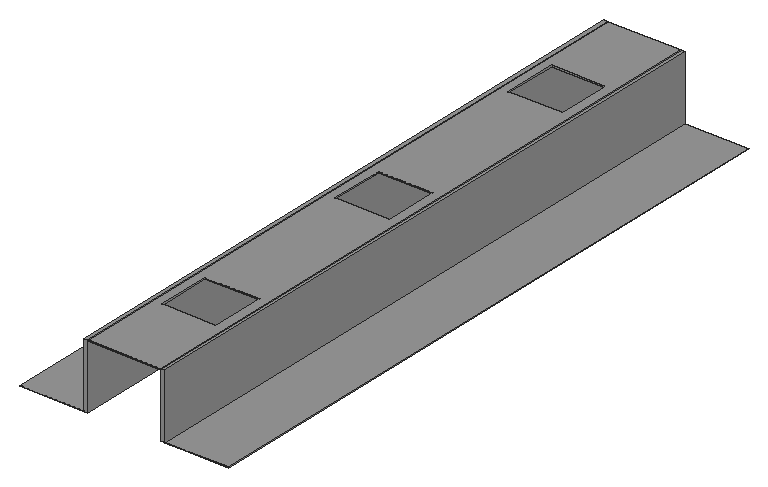
Revit family "OKA-G Kanaleinheit für GES4, Höhe 40-240mm", category Generic Models, Revit 2015
Parameters (values of type "OKA-G30040240D4")
  Width = 300 mm
  URL = "http://www.obo-bettermann.com"
  Material = Steel, Galvanized
  Manufacturer Art. No. = "7424140"
  Manufacturer = "OBO Bettermann"
  Length [instance] = 2400 mm
  HeightCalc [instance] = if(Height < 40 mm, 40 mm, (if(Height > 240 mm, 240 mm, Height)))  # 240 mm
  Height [instance] = 240 mm
  GTIN = "4012195243519"
  Cut's number = 3
  Article Type = "OKA-G30040240D4"
Types (3, lengths in mm): name | Width | Manufacturer Art. No. | GTIN | Article Type
  (no name) | 300 | "7424140" | "4012195243519" | "OKA-G30040240D4"
  OKA-G30040240D4 | 300 | "7424140" | "4012195243519" | "OKA-G30040240D4"
  OKA-G40040240D4 | 400 | "7424142\r\n\r\n7424142\r\n7424142" | "4012195243526" | "OKA-G40040240D4"
Reference planes
  plane 1 "Center (Front/Back)": y = 0
  plane 2: z = 0
  plane 3 "Center (Left/Right)": x = 0
  plane 4: z = 240
  plane 5: y = -2400
  plane 6: x = 150
  plane 7: x = -150
Forms (mm)
  Extrusion 1, solid, material "Aluminum 6061"
    sketch origin (0, 0, 0) x (1, 0, 0) y (0, 0, 1)
      loop
        line (135, 240) -> (135, 0) -> (385, 0) -> (385, 1) -> (150, 1) -> (150, 240) -> (135, 240)
      loop
        line (-150, 1) -> (-385, 1) -> (-385, 0) -> (-135, 0) -> (-135, 240) -> (-150, 240) -> (-150, 1)
    from 0 to 2400
  Extrusion 2, solid, material "Steel, Galvanized" <- "Material"
    sketch origin (0, 0, 0) x (1, 0, 0) y (0, 0, 1)
      loop
        line (135, 236) -> (135, 240) -> (-135, 240) -> (-135, 236) -> (135, 236)
    from 0 to 2400
  Extrusion 3, void
    sketch origin (0, 0, 0) x (1, 0, 0) y (0, 1, 0)
      loop
        line (-100.5, -1901.5) -> (-100.5, -2102.5) -> (100.5, -2102.5) -> (100.5, -1901.5) -> (-100.5, -1901.5)
    from 0 to 250
  Extrusion 4, void
    sketch origin (0, 800, 0) x (1, 0, 0) y (0, 1, 0)
      loop
        line (-100.5, -1901.5) -> (-100.5, -2102.5) -> (100.5, -2102.5) -> (100.5, -1901.5) -> (-100.5, -1901.5)
    from 0 to 250
  Extrusion 5, void
    sketch origin (0, 1600, 0) x (1, 0, 0) y (0, 1, 0)
      loop
        line (-100.5, -1901.5) -> (-100.5, -2102.5) -> (100.5, -2102.5) -> (100.5, -1901.5) -> (-100.5, -1901.5)
    from 0 to 250
Cuts and joins
  Extrusion 3, Extrusion 4, Extrusion 5 cuts Extrusion 2
Lines and regions (mm)
  model lines
    curve 1: line (-150, 0, 240) -> (-135, 0, 240)
    curve 2: line (-135, 0, 240) -> (-135, 0, 0)
    curve 3: line (-135, 0, 0) -> (-385, 0, 0)
    curve 4: line (-385, 0, 0) -> (-385, 0, 1)
    curve 5: line (-385, 0, 1) -> (-150, 0, 1)
    curve 6: line (-150, 0, 1) -> (-150, 0, 240)
    curve 7: line (135, 0, 240) -> (135, 0, 0)
    curve 8: line (135, 0, 0) -> (385, 0, 0)
    curve 9: line (385, 0, 0) -> (385, 0, 1)
    curve 10: line (385, 0, 1) -> (150, 0, 1)
    curve 11: line (150, 0, 1) -> (150, 0, 240)
    curve 12: line (150, 0, 240) -> (135, 0, 240)
    curve 13: line (135, 0, 240) -> (135, 0, 0)
    curve 14: line (-135, 0, 0) -> (-135, 0, 240)
    curve 15: line (-135, 0, 240) -> (135, 0, 240)
    curve 16: line (-135, 0, 236) -> (135, 0, 236)
Dimensions and locks
  locked: curve 5 to curve 3 at 1
  locked: curve 2 to curve 6 at 15
  locked: curve 10 to curve 8 at 1
  locked: curve 2 to curve 4 at 250
  locked: curve 9 to curve 7 at 250
  locked: curve 11 to curve 7 at 15
  "Length": plane 1 "Center (Front/Back)" to plane 5
  equal spacing: plane 7, plane 3 "Center (Left/Right)", plane 6
  "Width": plane 7 to plane 6
  "HeightCalc": level to plane 4
  locked: curve 16 to curve 15 at 4
  locked: Extrusion 3 sketch curve to Extrusion 3 sketch curve at 201  (x2)
  locked: Extrusion 4 sketch curve to Extrusion 4 sketch curve at 201  (x2)
  equal spacing: group 1, group 2, group 3  (x3)
  locked: Extrusion 5 sketch curve to Extrusion 5 sketch curve at 201  (x2)
  aligned and locked: level to plane 2
  aligned and locked: level to curve 3
  aligned and locked: curve 6 to plane 7
  aligned and locked: curve 11 to plane 6
  aligned and locked: plane 4 to curve 1
  aligned and locked: curve 8 to level
  aligned and locked: Extrusion 1 sketch curve to curve 13
  aligned and locked: Extrusion 1 sketch curve to curve 12
  aligned and locked: Extrusion 1 sketch curve to curve 11
  aligned and locked: Extrusion 1 sketch curve to curve 10
  aligned and locked: Extrusion 1 sketch curve to curve 9
  aligned and locked: Extrusion 1 sketch curve to curve 8
  aligned and locked: Extrusion 1 sketch curve to curve 6
  aligned and locked: Extrusion 1 sketch curve to curve 14
  aligned and locked: Extrusion 1 sketch curve to curve 1
  aligned and locked: Extrusion 1 sketch curve to curve 5
  aligned and locked: Extrusion 1 sketch curve to curve 3
  aligned and locked: Extrusion 1 sketch curve to curve 4
  aligned and locked: Extrusion 1 to plane 5
  aligned and locked: Extrusion 2 sketch curve to curve 16
  aligned and locked: Extrusion 2 sketch curve to curve 15
  aligned and locked: Extrusion 2 sketch curve to curve 2
  aligned and locked: Extrusion 2 sketch curve to curve 7
  aligned and locked: Extrusion 2 to plane 5
